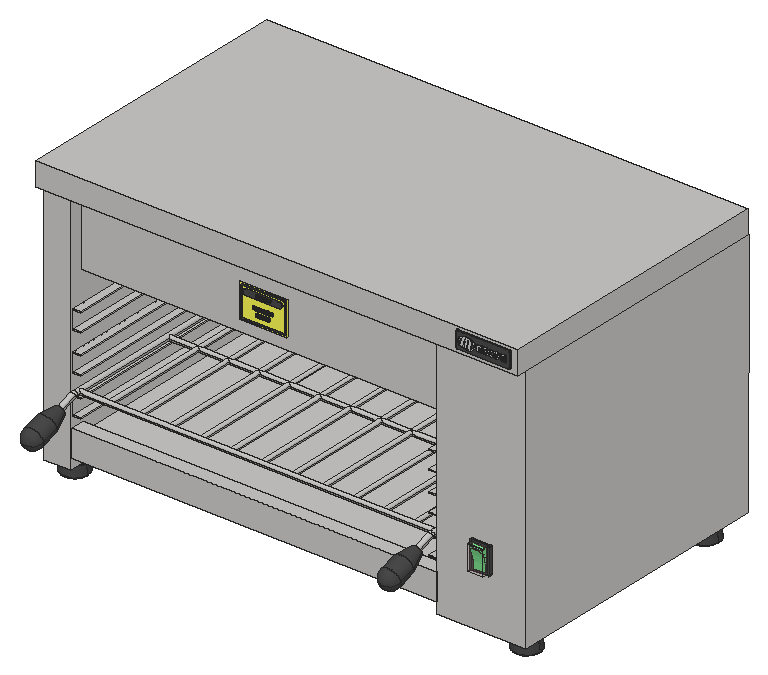
Revit family "QF_MACOM_SAL_2MA", category Equipamento especial, Revit 2020 (continued)
Definition of nested family "Etiqueta de aviso"
  Automatic sketch dimensions
    Extrusion 4 sketch curve to Extrusion 4 sketch curve = 0.307 mm
    Extrusion 4 sketch curve to Extrusion 4 sketch curve = 0.942 mm
    Extrusion 4 sketch curve to Extrusion 4 sketch curve = 0.872 mm
    Extrusion 4 sketch curve to Extrusion 4 sketch curve = 0.203 mm
    Extrusion 4 sketch curve to Extrusion 4 sketch curve = 0.271 mm
    Extrusion 4 sketch curve to Extrusion 4 sketch curve = 0.882 mm
    Extrusion 4 sketch curve to Extrusion 4 sketch curve = 1.548 mm
    Extrusion 4 sketch curve to Extrusion 4 sketch curve = 0.855 mm
    Extrusion 4 sketch curve to Extrusion 4 sketch curve = 0.220 mm
    Extrusion 4 sketch curve to Extrusion 4 sketch curve = 1.076 mm
    Extrusion 4 sketch curve to Extrusion 4 sketch curve = 0.171 mm
    Extrusion 4 sketch curve to Extrusion 4 sketch curve = 3.907 mm
    Extrusion 4 sketch curve to plane 8 = 12.579 mm
    Extrusion 4 sketch curve to Extrusion 4 sketch curve = 0.127 mm
    Extrusion 4 sketch curve to Extrusion 4 sketch curve = 0.564 mm  (x2)
    Extrusion 4 sketch curve to Extrusion 4 sketch curve = 0.700 mm
    Extrusion 4 sketch curve to Extrusion 4 sketch curve = 0.888 mm
    Extrusion 4 sketch curve to Extrusion 4 sketch curve = 0.899 mm
    Extrusion 4 sketch curve to Extrusion 4 sketch curve = 0.541 mm
    Extrusion 4 sketch curve to Extrusion 4 sketch curve = 0.664 mm
    Extrusion 4 sketch curve to Extrusion 4 sketch curve = 0.279 mm
    Extrusion 4 sketch curve to Extrusion 4 sketch curve = 1.323 mm  (x2)
    Extrusion 4 sketch curve to Extrusion 4 sketch curve = 0.012 mm  (x2)
    Extrusion 4 sketch curve to Extrusion 4 sketch curve = 0.905 mm
    Extrusion 4 sketch curve to Extrusion 4 sketch curve = 1.291 mm
    Extrusion 4 sketch curve to Extrusion 4 sketch curve = 1.365 mm
    Extrusion 4 sketch curve to Extrusion 4 sketch curve = 0.151 mm
    Extrusion 4 sketch curve to Extrusion 4 sketch curve = 1.038 mm
    Extrusion 4 sketch curve to Extrusion 4 sketch curve = 0.670 mm
    Extrusion 4 sketch curve to Extrusion 4 sketch curve = 0.356 mm
    Extrusion 5 sketch curve to plane 3 "Centro (Esquerda/Direita)" = 14.673 mm
    Extrusion 5 sketch curve to Extrusion 5 sketch curve = 0.825 mm
    Extrusion 5 sketch curve to Extrusion 5 sketch curve = 0.077 mm  (x2)
    Extrusion 5 sketch curve to Extrusion 5 sketch curve = 0.088 mm
    Extrusion 5 sketch curve to Extrusion 5 sketch curve = 0.352 mm
    Extrusion 5 sketch curve to Extrusion 5 sketch curve = 0.065 mm
    Extrusion 5 sketch curve to Extrusion 5 sketch curve = 0.699 mm
    Extrusion 5 sketch curve to Extrusion 5 sketch curve = 0.921 mm
    Extrusion 5 sketch curve to Extrusion 5 sketch curve = 1.504 mm
    Extrusion 5 sketch curve to Extrusion 5 sketch curve = 1.731 mm
    Extrusion 5 sketch curve to Extrusion 5 sketch curve = 1.005 mm
    Extrusion 5 sketch curve to Extrusion 5 sketch curve = 1.148 mm
    Extrusion 5 sketch curve to Extrusion 5 sketch curve = 0.613 mm
    Extrusion 5 sketch curve to Extrusion 5 sketch curve = 0.054 mm
    Extrusion 5 sketch curve to Extrusion 5 sketch curve = 0.667 mm
    Extrusion 5 sketch curve to Extrusion 5 sketch curve = 0.520 mm
    Extrusion 5 sketch curve to Extrusion 5 sketch curve = 1.039 mm
    Extrusion 5 sketch curve to Extrusion 5 sketch curve = 0.410 mm
    Extrusion 5 sketch curve to Extrusion 5 sketch curve = 0.986 mm
    Extrusion 5 sketch curve to Extrusion 5 sketch curve = 1.152 mm
    Extrusion 5 sketch curve to Extrusion 5 sketch curve = 0.576 mm  (x2)
    Extrusion 5 sketch curve to Extrusion 5 sketch curve = 0.235 mm
    Extrusion 5 sketch curve to Extrusion 5 sketch curve = 0.029 mm  (x2)
    Extrusion 5 sketch curve to Extrusion 5 sketch curve = 0.694 mm
    Extrusion 5 sketch curve to Extrusion 5 sketch curve = 2.042 mm
    Extrusion 5 sketch curve to Extrusion 5 sketch curve = 0.579 mm  (x2)
    Extrusion 5 sketch curve to Extrusion 5 sketch curve = 0.600 mm
    Extrusion 5 sketch curve to Extrusion 5 sketch curve = 0.435 mm
    Extrusion 5 sketch curve to Extrusion 5 sketch curve = 0.413 mm  (x2)
    Extrusion 5 sketch curve to Extrusion 5 sketch curve = 1.552 mm
    Extrusion 5 sketch curve to Extrusion 5 sketch curve = 0.000 mm  (x4)
    Extrusion 5 sketch curve to Extrusion 5 sketch curve = 0.324 mm
    Extrusion 5 sketch curve to plane 3 "Centro (Esquerda/Direita)" = 0.551 mm
    Extrusion 5 sketch curve to plane 3 "Centro (Esquerda/Direita)" = 0.473 mm
    Extrusion 5 sketch curve to plane 3 "Centro (Esquerda/Direita)" = 0.165 mm
    plane 3 "Centro (Esquerda/Direita)" to Extrusion 5 sketch curve = 0.249 mm
    plane 3 "Centro (Esquerda/Direita)" to Extrusion 5 sketch curve = 0.291 mm
    plane 3 "Centro (Esquerda/Direita)" to Extrusion 5 sketch curve = 0.663 mm
    plane 3 "Centro (Esquerda/Direita)" to Extrusion 5 sketch curve = 0.980 mm
    Extrusion 5 sketch curve to Extrusion 5 sketch curve = 0.697 mm
    Extrusion 5 sketch curve to Extrusion 5 sketch curve = 1.054 mm
    Extrusion 5 sketch curve to Extrusion 5 sketch curve = 1.570 mm
    Extrusion 5 sketch curve to Extrusion 5 sketch curve = 1.135 mm  (x2)
    Extrusion 5 sketch curve to Extrusion 5 sketch curve = 1.194 mm
    Extrusion 5 sketch curve to Extrusion 5 sketch curve = 0.180 mm  (x2)
    Extrusion 5 sketch curve to Extrusion 5 sketch curve = 1.627 mm
    Extrusion 5 sketch curve to Extrusion 5 sketch curve = 0.058 mm
    Extrusion 5 sketch curve to Extrusion 5 sketch curve = 0.659 mm
    Extrusion 5 sketch curve to Extrusion 5 sketch curve = 0.913 mm
    Extrusion 5 sketch curve to Extrusion 5 sketch curve = 0.026 mm
    Extrusion 5 sketch curve to Extrusion 5 sketch curve = 0.881 mm
    Extrusion 5 sketch curve to Extrusion 5 sketch curve = 2.477 mm
    Extrusion 5 sketch curve to Extrusion 5 sketch curve = 0.497 mm
    Extrusion 5 sketch curve to Extrusion 5 sketch curve = 0.625 mm
    Extrusion 5 sketch curve to Extrusion 5 sketch curve = 0.817 mm
    Extrusion 5 sketch curve to Extrusion 5 sketch curve = 0.517 mm
    Extrusion 5 sketch curve to Extrusion 5 sketch curve = 0.929 mm
    Extrusion 5 sketch curve to Extrusion 5 sketch curve = 0.645 mm
    Extrusion 5 sketch curve to Extrusion 5 sketch curve = 1.091 mm  (x2)
    Extrusion 5 sketch curve to Extrusion 5 sketch curve = 1.463 mm  (x2)
    level to Extrusion 5 sketch curve = 20.178 mm
    Extrusion 5 sketch curve to Extrusion 5 sketch curve = 0.036 mm
    Extrusion 5 sketch curve to Extrusion 5 sketch curve = 0.002 mm
    Extrusion 5 sketch curve to Extrusion 5 sketch curve = 0.003 mm
    Extrusion 5 sketch curve to Extrusion 5 sketch curve = 0.041 mm
    Extrusion 5 sketch curve to Extrusion 5 sketch curve = 0.076 mm  (x2)
    Extrusion 5 sketch curve to Extrusion 5 sketch curve = 0.402 mm
    Extrusion 5 sketch curve to Extrusion 5 sketch curve = 0.424 mm
    Extrusion 5 sketch curve to Extrusion 5 sketch curve = 0.868 mm
    Extrusion 5 sketch curve to Extrusion 5 sketch curve = 0.919 mm
    Extrusion 5 sketch curve to Extrusion 5 sketch curve = 0.962 mm
    Extrusion 5 sketch curve to Extrusion 5 sketch curve = 0.572 mm
    Extrusion 5 sketch curve to Extrusion 5 sketch curve = 0.274 mm
    Extrusion 5 sketch curve to Extrusion 5 sketch curve = 1.320 mm
    Extrusion 5 sketch curve to Extrusion 5 sketch curve = 1.376 mm
    Extrusion 5 sketch curve to Extrusion 5 sketch curve = 0.034 mm
    Extrusion 5 sketch curve to Extrusion 5 sketch curve = 0.264 mm
    Extrusion 5 sketch curve to Extrusion 5 sketch curve = 0.740 mm
    Extrusion 5 sketch curve to Extrusion 5 sketch curve = 1.699 mm
    Extrusion 5 sketch curve to Extrusion 5 sketch curve = 0.988 mm
    Extrusion 5 sketch curve to Extrusion 5 sketch curve = 1.110 mm
    Extrusion 5 sketch curve to Extrusion 5 sketch curve = 0.679 mm
    Extrusion 5 sketch curve to Extrusion 5 sketch curve = 0.934 mm
    Extrusion 5 sketch curve to Extrusion 5 sketch curve = 1.178 mm
    Extrusion 5 sketch curve to Extrusion 5 sketch curve = 0.094 mm
    Extrusion 5 sketch curve to Extrusion 5 sketch curve = 0.709 mm
    Extrusion 5 sketch curve to Extrusion 5 sketch curve = 0.808 mm  (x2)
    Extrusion 5 sketch curve to Extrusion 5 sketch curve = 0.791 mm
    Extrusion 5 sketch curve to Extrusion 5 sketch curve = 0.823 mm
    Extrusion 5 sketch curve to Extrusion 5 sketch curve = 0.758 mm
    Extrusion 5 sketch curve to Extrusion 5 sketch curve = 0.797 mm
    Extrusion 5 sketch curve to Extrusion 5 sketch curve = 0.050 mm
    Extrusion 5 sketch curve to Extrusion 5 sketch curve = 0.584 mm
    Extrusion 5 sketch curve to Extrusion 5 sketch curve = 0.815 mm
    Extrusion 5 sketch curve to Extrusion 5 sketch curve = 0.175 mm
    Extrusion 5 sketch curve to Extrusion 5 sketch curve = 0.391 mm
    Extrusion 5 sketch curve to Extrusion 5 sketch curve = 0.937 mm
    Extrusion 5 sketch curve to Extrusion 5 sketch curve = 0.835 mm
    Extrusion 5 sketch curve to Extrusion 5 sketch curve = 0.806 mm
    Extrusion 5 sketch curve to Extrusion 5 sketch curve = 1.068 mm
    Extrusion 5 sketch curve to Extrusion 5 sketch curve = 0.400 mm
    Extrusion 5 sketch curve to Extrusion 5 sketch curve = 0.210 mm
    Extrusion 5 sketch curve to Extrusion 5 sketch curve = 0.156 mm
    Extrusion 5 sketch curve to Extrusion 5 sketch curve = 0.141 mm
    Extrusion 5 sketch curve to Extrusion 5 sketch curve = 0.810 mm  (x3)
    Extrusion 5 sketch curve to Extrusion 5 sketch curve = 0.230 mm
    Extrusion 5 sketch curve to Extrusion 5 sketch curve = 0.223 mm
    Extrusion 5 sketch curve to Extrusion 5 sketch curve = 0.942 mm
    Extrusion 6 sketch curve to plane 3 "Centro (Esquerda/Direita)" = 9.603 mm
    Extrusion 6 sketch curve to Extrusion 6 sketch curve = 0.341 mm  (x2)
    Extrusion 6 sketch curve to Extrusion 6 sketch curve = 0.353 mm
    Extrusion 6 sketch curve to Extrusion 6 sketch curve = 0.253 mm
    Extrusion 6 sketch curve to Extrusion 6 sketch curve = 1.388 mm
    Extrusion 6 sketch curve to Extrusion 6 sketch curve = 0.431 mm
    Extrusion 6 sketch curve to Extrusion 6 sketch curve = 0.578 mm
    Extrusion 6 sketch curve to Extrusion 6 sketch curve = 0.358 mm  (x2)
    Extrusion 6 sketch curve to Extrusion 6 sketch curve = 2.178 mm
    Extrusion 6 sketch curve to Extrusion 6 sketch curve = 0.574 mm
    Extrusion 6 sketch curve to Extrusion 6 sketch curve = 1.148 mm
    Extrusion 6 sketch curve to Extrusion 6 sketch curve = 0.613 mm
    Extrusion 6 sketch curve to Extrusion 6 sketch curve = 0.054 mm
    Extrusion 6 sketch curve to Extrusion 6 sketch curve = 1.334 mm
    Extrusion 6 sketch curve to Extrusion 6 sketch curve = 0.520 mm  (x2)
    Extrusion 6 sketch curve to Extrusion 6 sketch curve = 0.579 mm  (x2)
    Extrusion 6 sketch curve to Extrusion 6 sketch curve = 0.600 mm  (x2)
    Extrusion 6 sketch curve to Extrusion 6 sketch curve = 0.413 mm
    Extrusion 6 sketch curve to Extrusion 6 sketch curve = 0.000 mm  (x5)
    Extrusion 6 sketch curve to plane 3 "Centro (Esquerda/Direita)" = 0.302 mm  (x3)
    plane 3 "Centro (Esquerda/Direita)" to Extrusion 6 sketch curve = 0.026 mm
    Extrusion 6 sketch curve to Extrusion 6 sketch curve = 1.027 mm
    Extrusion 6 sketch curve to Extrusion 6 sketch curve = 0.357 mm
    Extrusion 6 sketch curve to Extrusion 6 sketch curve = 1.594 mm
    Extrusion 6 sketch curve to Extrusion 6 sketch curve = 0.045 mm
    Extrusion 6 sketch curve to Extrusion 6 sketch curve = 1.086 mm
    Extrusion 6 sketch curve to Extrusion 6 sketch curve = 1.411 mm
    Extrusion 6 sketch curve to Extrusion 6 sketch curve = 0.882 mm
    Extrusion 6 sketch curve to Extrusion 6 sketch curve = 1.137 mm
    Extrusion 6 sketch curve to Extrusion 6 sketch curve = 0.140 mm
    Extrusion 6 sketch curve to Extrusion 6 sketch curve = 0.435 mm
    Extrusion 6 sketch curve to Extrusion 6 sketch curve = 1.552 mm
    level to Extrusion 6 sketch curve = 11.198 mm
    Extrusion 6 sketch curve to Extrusion 6 sketch curve = 0.207 mm
    Extrusion 6 sketch curve to Extrusion 6 sketch curve = 0.115 mm
    Extrusion 6 sketch curve to Extrusion 6 sketch curve = 0.039 mm
    Extrusion 6 sketch curve to Extrusion 6 sketch curve = 0.458 mm
    Extrusion 6 sketch curve to Extrusion 6 sketch curve = 0.159 mm
    Extrusion 6 sketch curve to Extrusion 6 sketch curve = 0.746 mm
    Extrusion 6 sketch curve to Extrusion 6 sketch curve = 0.655 mm
    Extrusion 6 sketch curve to Extrusion 6 sketch curve = 0.383 mm
    Extrusion 6 sketch curve to Extrusion 6 sketch curve = 0.962 mm
    Extrusion 6 sketch curve to Extrusion 6 sketch curve = 1.406 mm
    Extrusion 6 sketch curve to Extrusion 6 sketch curve = 0.892 mm
    Extrusion 6 sketch curve to Extrusion 6 sketch curve = 0.034 mm
    Extrusion 6 sketch curve to Extrusion 6 sketch curve = 1.635 mm
    Extrusion 6 sketch curve to Extrusion 6 sketch curve = 0.988 mm  (x2)
    Extrusion 6 sketch curve to Extrusion 6 sketch curve = 1.325 mm
    Extrusion 6 sketch curve to Extrusion 6 sketch curve = 0.017 mm  (x2)
    Extrusion 6 sketch curve to Extrusion 6 sketch curve = 0.150 mm
    Extrusion 6 sketch curve to Extrusion 6 sketch curve = 0.823 mm  (x2)
    Extrusion 6 sketch curve to Extrusion 6 sketch curve = 1.597 mm
    Extrusion 6 sketch curve to Extrusion 6 sketch curve = 0.516 mm
    Extrusion 6 sketch curve to Extrusion 6 sketch curve = 0.650 mm
    Extrusion 6 sketch curve to Extrusion 6 sketch curve = 0.806 mm  (x2)
    Extrusion 6 sketch curve to Extrusion 6 sketch curve = 1.783 mm
    Extrusion 6 sketch curve to Extrusion 6 sketch curve = 0.767 mm
    Extrusion 6 sketch curve to Extrusion 6 sketch curve = 0.210 mm
    Extrusion 6 sketch curve to Extrusion 6 sketch curve = 0.250 mm
    Extrusion 6 sketch curve to Extrusion 6 sketch curve = 0.781 mm
    Extrusion 6 sketch curve to Extrusion 6 sketch curve = 1.082 mm
    Extrusion 6 sketch curve to Extrusion 6 sketch curve = 0.078 mm  (x2)
    Extrusion 6 sketch curve to Extrusion 6 sketch curve = 0.561 mm
    Extrusion 6 sketch curve to Extrusion 6 sketch curve = 0.610 mm
    Extrusion 6 sketch curve to Extrusion 6 sketch curve = 0.152 mm
    Extrusion 6 sketch curve to Extrusion 6 sketch curve = 0.698 mm
    radius of Extrusion 4 sketch curve = 2.074 mm
    radius of Extrusion 4 sketch curve = 1.393 mm
Definition of nested family "Pé de apoio"
  Parameters (values of type "Pé de apoio")
    Default Elevation = 0.000 mm
  Reference planes
    plane 1 "Centro (Frente/Trás)": y = 0
    plane 2: z = 0
    plane 3 "Centro (Esquerda/Direita)": x = 0
  Forms (mm)
    Revolve 1, solid
      sketch origin (0, 0, 0) x (1, 0, 0) y (0, 0, 1)
        loop
          line (0, 4.6) -> (18.5, 4.6) -> (18.5, 6.565) -> (19.685, 6.565) -> (17.281, 20.026) -> (15.5, 20.026) -> (15.5, 21.498) -> (4, 21.498) -> (4, 24.6) -> (0, 24.6) -> (0, 4.6)
        axis (0, 24.6) -> (0, 4.6)
      angle from 0 to 360
  Dimensions and locks
    Revolve 1 sketch curve to Revolve 1 sketch curve = 20.000 mm
    aligned and locked: level to plane 2
Definition of nested family "startbutton"
  Parameters (values of type "startbutton")
    Default Elevation = 0.000 mm
  Reference planes
    plane 1 "Center (Front/Back)": y = 0
    plane 2: z = 0
    plane 3 "Center (Left/Right)": x = 0
    plane 4: y = 2
  Forms (mm)
    Extrusion 1, solid
      sketch origin (0, 0, 0) x (1, 0, 0) y (0, 0, 1)
        loop
          arc (-15, 2) -> (-14.414, 0.586) -> (-13, 0) r 2
          line (-13, 0) -> (13, 0)
          arc (13, 0) -> (14.414, 0.586) -> (15, 2) r 2
          line (15, 2) -> (15, 38)
          arc (15, 38) -> (14.414, 39.414) -> (13, 40) r 2
          line (13, 40) -> (-13, 40)
          arc (-13, 40) -> (-14.414, 39.414) -> (-15, 38) r 2
          line (-15, 38) -> (-15, 2)
      from 0 to -4
    Extrusion 2, solid
      sketch origin (0, 4, 0) x (0, -1, 0) y (0, 0, -1)
        loop
          line (4, -36.709) -> (10.266, -34.101)
          arc (10.266, -34.101) -> (10.796, -33.556) -> (10.767, -32.795) r 0.965
          arc (10.767, -32.795) -> (5.713, -18.17) -> (4, -2.792) r 69.897
          line (4, -2.792) -> (4, -36.709)
      from -8.605 to 9.437
    Extrusion 3, solid
      sketch origin (0, 0, 0) x (1, 0, 0) y (0, 0, 1)
        loop
          line (-11.145, 38.381) -> (-11.145, 1.217) -> (11.445, 1.217) -> (11.445, 38.381) -> (-11.145, 38.381)
      from 0 to 7.988
  Dimensions and locks
    aligned and locked: level to plane 2
